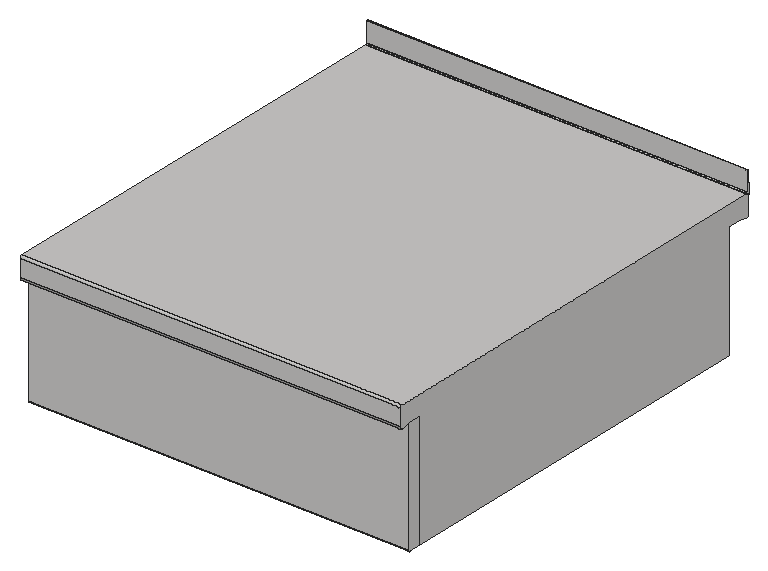
Revit family "QF_ELECTROLUXPROFESSIONAL_588115_MANABBGOOO", category Specialty Equipment, Revit 2018
Family settings
  Round Connector Dimension = Use Diameter
  Part Type = Normal
  Work Plane-Based = No
  Always vertical = Yes
  Cut with Voids When Loaded = No
  Shared = No
  Room Calculation Point = No
Parameters
  Weight in Pounds = 37.47
  URL Cutsheet = "www.electrolux.com/professional"
  URL = "www.electrolux.com/professional"
  Type Mark [instance] = ""
  Status [instance] = ""
  Specification by User [instance] = ""
  Specification by Manufacturer = ""
  Serial Number = ""
  Seismic Rating = ""
  SMACNA No = ""
  Revision Code [instance] = ""
  Omniclass Number and Title = ""
  NAFEM Spec ID Number = ""
  Model = "588115"
  Masterspec = ""
  Manufacturer = "ELECTROLUX"
  Item Number [instance] = ""
  Installed By [instance] = ""
  Identify Quantity as Lot [instance] = yes
  Furnished By [instance] = ""
  Foodservice Equipment Identifier [instance] = yes
  Direct Waste Size = 0"
  Description = "CLOSED WORK TOP,1-S,BACKSPL,700X800X250H"
  CSI MasterFormat = ""
  CSI Master Format = ""
Reference planes
  plane 1 "BACK": y = 0
  plane 2: z = 0
  plane 3 "LEFT": x = 0
  plane 4 "RIGHT": x = 700
  plane 5 "FRONT": y = -800
  plane 6 "TOP": z = 250
  plane 7 "Center Y": x = 350
  plane 8 "Center X": y = -400
  plane 9: z = 288
Forms (mm)
  Extrusion 1, solid, material "QF_Finishes_Stainless Steel"
    sketch origin (0, 50.048, 0) x (0, 1, 0) y (0, 0, 1)
      loop
        line (-95.048, 213) -> (-71.412, 213) -> (-54.743, 210.061)
        arc (-54.743, 210.061) -> (-51.477, 210.936) -> (-50.048, 214) r 4
        line (-50.048, 214) -> (-50.048, 246)
        arc (-50.048, 246) -> (-51.22, 248.828) -> (-54.048, 250) r 4
        line (-54.048, 250) -> (-846.048, 250)
        arc (-846.048, 250) -> (-848.877, 248.828) -> (-850.048, 246) r 4
        line (-850.048, 246) -> (-850.048, 214)
        arc (-850.048, 214) -> (-848.619, 210.936) -> (-845.353, 210.061) r 4
        line (-845.353, 210.061) -> (-828.509, 213) -> (-805.048, 213) -> (-805.048, 0) -> (-95.048, 0) -> (-95.048, 213)
    from 0 to 700
  Extrusion 2, solid, material "QF_Finishes_Stainless Steel"
    sketch origin (0, 50.048, 0) x (0, 1, 0) y (0, 0, 1)
      loop
        arc (-828.048, 213) -> (-829.462, 212.414) -> (-830.048, 211) r 2
        line (-830.048, 211) -> (-830.048, 2)
        arc (-830.048, 2) -> (-829.462, 0.586) -> (-828.048, 0) r 2
        line (-828.048, 0) -> (-805.048, 0) -> (-805.048, 213) -> (-828.048, 213)
    from 0 to 700
  Extrusion 3, solid, material "QF_Finishes_Stainless Steel"
    sketch origin (0, -950.048, 0) x (0, -1, 0) y (0, 0, -1)
      loop
        arc (-948.097, -252.006) -> (-947.511, -250.592) -> (-946.097, -250.006) r 2
        arc (-946.097, -250.006) -> (-948.877, -248.828) -> (-950.048, -246) r 4
        line (-950.048, -246) -> (-950.048, -288.006) -> (-948.097, -288.006) -> (-948.097, -252.006)
    from 0 to 700
Lines and regions (mm)
  symbolic lines
    curve 1: line (0, 0, 0) -> (700, 0, 0)
    curve 2: line (0, -800, 0) -> (0, 0, 0)
    curve 3: line (700, -800, 0) -> (0, -800, 0)
    curve 4: line (700, 0, 0) -> (700, -800, 0)
    curve 5: line (0, -1.951, 0) -> (700, -1.951, 0)
Dimensions and locks
  equal spacing: plane 3 "LEFT", plane 7 "Center Y", plane 4 "RIGHT"
  plane 3 "LEFT" to plane 4 "RIGHT" = 700.00 mm
  equal spacing: plane 5 "FRONT", plane 8 "Center X", plane 1 "BACK"
  plane 5 "FRONT" to plane 1 "BACK" = 800.00 mm
  plane 6 "TOP" to level = 250.00 mm
  plane 9 to level = 288.00 mm
  plane 9 to plane 6 "TOP" = 38.00 mm
  aligned and locked: level to plane 2
  aligned and locked: Extrusion 1 to plane 4 "RIGHT"
  aligned and locked: Extrusion 2 to plane 4 "RIGHT"
  aligned and locked: Extrusion 3 to plane 4 "RIGHT"
Automatic sketch dimensions
  Extrusion 1 sketch curve to plane 5 "FRONT" = 0.00 mm
  Extrusion 1 sketch curve to plane 6 "TOP" = 0.00 mm
  Extrusion 1 sketch curve to level = 0.00 mm
  Extrusion 1 sketch curve to plane 1 "BACK" = 0.00 mm
  Extrusion 1 sketch curve to plane 5 "FRONT" = 4.695 mm
  Extrusion 1 sketch curve to plane 6 "TOP" = 39.939 mm
  Extrusion 1 sketch curve to plane 5 "FRONT" = 4.00 mm  (x2)
  Extrusion 1 sketch curve to Extrusion 1 sketch curve = 16.844 mm
  Extrusion 1 sketch curve to plane 5 "FRONT" = 45.00 mm
  plane 1 "BACK" to Extrusion 1 sketch curve = 45.00 mm
  plane 1 "BACK" to Extrusion 1 sketch curve = 21.364 mm
  plane 1 "BACK" to Extrusion 1 sketch curve = 4.00 mm
  plane 1 "BACK" to Extrusion 1 sketch curve = 4.695 mm
  Extrusion 1 sketch curve to Extrusion 1 sketch curve = 0.00 mm  (x2)
  Extrusion 1 sketch curve to Extrusion 1 sketch curve = 4.00 mm
  Extrusion 1 sketch curve to plane 6 "TOP" = 37.00 mm  (x2)
  Extrusion 1 sketch curve to Extrusion 1 sketch curve = 1.00 mm
  Extrusion 2 sketch curve to level = 0.00 mm
  Extrusion 2 sketch curve to plane 5 "FRONT" = 20.00 mm
  level to Extrusion 2 sketch curve = 2.00 mm
  Extrusion 2 sketch curve to Extrusion 2 sketch curve = 2.00 mm
  Extrusion 2 sketch curve to Extrusion 2 sketch curve = 23.00 mm
  Extrusion 2 sketch curve to plane 6 "TOP" = 39.00 mm
  Extrusion 3 sketch curve to plane 1 "BACK" = 0.00 mm  (x2)
  Extrusion 3 sketch curve to plane 6 "TOP" = 2.006 mm
  Extrusion 3 sketch curve to plane 6 "TOP" = 0.00 mm
  Extrusion 3 sketch curve to plane 9 = 0.006 mm
  Extrusion 3 sketch curve to Extrusion 3 sketch curve = 1.951 mm
  Extrusion 3 sketch curve to Extrusion 3 sketch curve = 2.00 mm
  Extrusion 3 sketch curve to Extrusion 3 sketch curve = 0.049 mm
  Extrusion 3 sketch curve to Extrusion 3 sketch curve = 0.00 mm
  plane 1 "BACK" to curve 1 = 0.00 mm
  curve 1 to plane 3 "LEFT" = 0.00 mm
  curve 1 to plane 4 "RIGHT" = 0.00 mm
  plane 5 "FRONT" to curve 4 = 0.00 mm
  curve 5 to curve 1 = 1.951 mm
